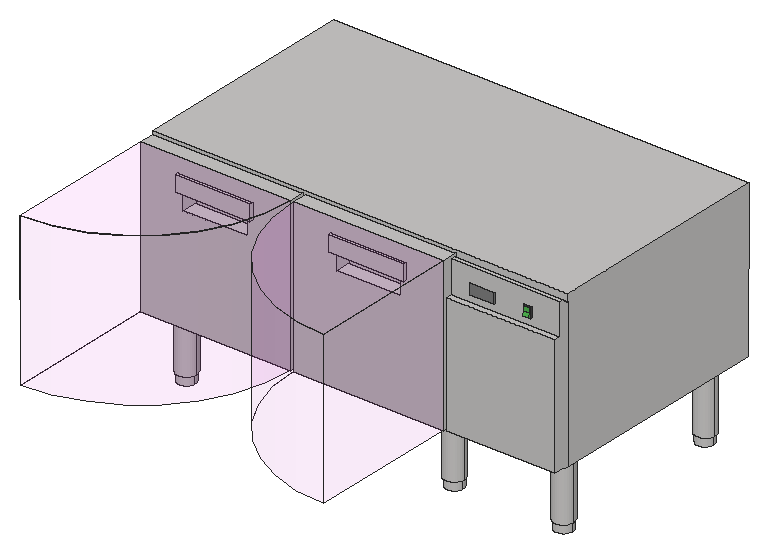
Revit family "QF_ELECTROLUXPROFESSIONAL_371291_E7TTCECOMIN", category Specialty Equipment, Revit 2018 (continued)
Automatic sketch dimensions
  Split face 147 sketch curve to Split face 147 sketch curve = 0.02 mm  (x2)
  Split face 147 sketch curve to Extrusion 3 = 22.519 mm
  Split face 147 sketch curve to Extrusion 3 = 65.003 mm
  Split face 147 sketch curve to Split face 147 sketch curve = 4 mm
  Split face 148 sketch curve to Extrusion 3 = 54.499 mm
  Split face 148 sketch curve to Split face 148 sketch curve = 0.02 mm  (x2)
  Split face 148 sketch curve to Extrusion 3 = 22.519 mm
  Split face 148 sketch curve to Extrusion 3 = 53.004 mm
  Split face 148 sketch curve to Split face 148 sketch curve = 4 mm
  Split face 149 sketch curve to Extrusion 3 = 54.499 mm
  Split face 149 sketch curve to Split face 149 sketch curve = 0.02 mm  (x2)
  Split face 149 sketch curve to Extrusion 3 = 22.519 mm
  Split face 149 sketch curve to Extrusion 3 = 41.004 mm
  Split face 149 sketch curve to Split face 149 sketch curve = 4 mm
  Split face 150 sketch curve to Extrusion 3 = 25.004 mm
  Split face 150 sketch curve to Extrusion 3 = 54.499 mm
  Split face 150 sketch curve to Split face 150 sketch curve = 0.02 mm  (x2)
  Split face 150 sketch curve to Extrusion 3 = 22.519 mm
  Split face 150 sketch curve to Split face 150 sketch curve = 4 mm
  Split face 151 sketch curve to Extrusion 3 = 24.901 mm
  Split face 151 sketch curve to Extrusion 3 = 54.499 mm
  Split face 151 sketch curve to Split face 151 sketch curve = 0.02 mm  (x2)
  Split face 151 sketch curve to Extrusion 3 = 22.519 mm
  Split face 151 sketch curve to Split face 151 sketch curve = 4 mm
  Split face 152 sketch curve to Extrusion 3 = 20.5 mm
  Split face 152 sketch curve to Split face 152 sketch curve = 0.02 mm  (x2)
  Split face 152 sketch curve to Split face 152 sketch curve = 31.959 mm
  Split face 152 sketch curve to Extrusion 3 = 140.797 mm
  Split face 152 sketch curve to Split face 152 sketch curve = 4 mm
  Split face 153 sketch curve to Extrusion 3 = 20.5 mm
  Split face 153 sketch curve to Split face 153 sketch curve = 0.02 mm  (x2)
  Split face 153 sketch curve to Split face 153 sketch curve = 31.959 mm
  Split face 153 sketch curve to Extrusion 3 = 152.797 mm
  Split face 153 sketch curve to Split face 153 sketch curve = 4 mm
  Split face 154 sketch curve to Extrusion 3 = 20.5 mm
  Split face 154 sketch curve to Split face 154 sketch curve = 0.02 mm  (x2)
  Split face 154 sketch curve to Split face 154 sketch curve = 31.959 mm
  Split face 154 sketch curve to Extrusion 3 = 148.203 mm
  Split face 154 sketch curve to Split face 154 sketch curve = 4 mm
  Split face 155 sketch curve to Extrusion 3 = 65.502 mm
  Split face 155 sketch curve to Split face 155 sketch curve = 0.02 mm  (x2)
  Split face 155 sketch curve to Split face 155 sketch curve = 31.959 mm
  Split face 155 sketch curve to Extrusion 3 = 140.797 mm
  Split face 155 sketch curve to Split face 155 sketch curve = 4 mm
  Split face 156 sketch curve to Extrusion 3 = 65.502 mm
  Split face 156 sketch curve to Split face 156 sketch curve = 0.02 mm  (x2)
  Split face 156 sketch curve to Split face 156 sketch curve = 31.959 mm
  Split face 156 sketch curve to Extrusion 3 = 152.797 mm
  Split face 156 sketch curve to Split face 156 sketch curve = 4 mm
  Split face 157 sketch curve to Extrusion 3 = 65.502 mm
  Split face 157 sketch curve to Split face 157 sketch curve = 0.02 mm  (x2)
  Split face 157 sketch curve to Split face 157 sketch curve = 31.959 mm
  Split face 157 sketch curve to Extrusion 3 = 148.203 mm
  Split face 157 sketch curve to Split face 157 sketch curve = 4 mm
  Split face 158 sketch curve to Extrusion 3 = 110.502 mm
  Split face 158 sketch curve to Split face 158 sketch curve = 0.02 mm  (x2)
  Split face 158 sketch curve to Split face 158 sketch curve = 31.959 mm
  Split face 158 sketch curve to Extrusion 3 = 140.797 mm
  Split face 158 sketch curve to Split face 158 sketch curve = 4 mm
  Split face 159 sketch curve to Extrusion 3 = 110.502 mm
  Split face 159 sketch curve to Split face 159 sketch curve = 0.02 mm  (x2)
  Split face 159 sketch curve to Split face 159 sketch curve = 31.959 mm
  Split face 159 sketch curve to Extrusion 3 = 152.797 mm
  Split face 159 sketch curve to Split face 159 sketch curve = 4 mm
  Split face 160 sketch curve to Extrusion 3 = 110.502 mm
  Split face 160 sketch curve to Split face 160 sketch curve = 0.02 mm  (x2)
  Split face 160 sketch curve to Split face 160 sketch curve = 31.959 mm
  Split face 160 sketch curve to Extrusion 3 = 148.203 mm
  Split face 160 sketch curve to Split face 160 sketch curve = 4 mm
  Split face 161 sketch curve to Extrusion 3 = 155.502 mm
  Split face 161 sketch curve to Split face 161 sketch curve = 0.02 mm  (x2)
  Split face 161 sketch curve to Split face 161 sketch curve = 31.959 mm
  Split face 161 sketch curve to Extrusion 3 = 140.797 mm
  Split face 161 sketch curve to Split face 161 sketch curve = 4 mm
  Split face 162 sketch curve to Extrusion 3 = 155.502 mm
  Split face 162 sketch curve to Split face 162 sketch curve = 0.02 mm  (x2)
  Split face 162 sketch curve to Split face 162 sketch curve = 31.959 mm
  Split face 162 sketch curve to Extrusion 3 = 152.797 mm
  Split face 162 sketch curve to Split face 162 sketch curve = 4 mm
  Split face 163 sketch curve to Extrusion 3 = 155.502 mm
  Split face 163 sketch curve to Split face 163 sketch curve = 0.02 mm  (x2)
  Split face 163 sketch curve to Split face 163 sketch curve = 31.959 mm
  Split face 163 sketch curve to Extrusion 3 = 148.203 mm
  Split face 163 sketch curve to Split face 163 sketch curve = 4 mm
  Split face 164 sketch curve to Extrusion 3 = 144.498 mm
  Split face 164 sketch curve to Split face 164 sketch curve = 0.02 mm  (x2)
  Split face 164 sketch curve to Split face 164 sketch curve = 31.959 mm
  Split face 164 sketch curve to Extrusion 3 = 140.797 mm
  Split face 164 sketch curve to Split face 164 sketch curve = 4 mm
  Split face 165 sketch curve to Extrusion 3 = 144.498 mm
  Split face 165 sketch curve to Split face 165 sketch curve = 0.02 mm  (x2)
  Split face 165 sketch curve to Split face 165 sketch curve = 31.959 mm
  Split face 165 sketch curve to Extrusion 3 = 152.797 mm
  Split face 165 sketch curve to Split face 165 sketch curve = 4 mm
  Split face 166 sketch curve to Extrusion 3 = 144.498 mm
  Split face 166 sketch curve to Split face 166 sketch curve = 0.02 mm  (x2)
  Split face 166 sketch curve to Split face 166 sketch curve = 31.959 mm
  Split face 166 sketch curve to Extrusion 3 = 148.203 mm
  Split face 166 sketch curve to Split face 166 sketch curve = 4 mm
  Split face 167 sketch curve to Extrusion 3 = 99.499 mm
  Split face 167 sketch curve to Split face 167 sketch curve = 0.02 mm  (x2)
  Split face 167 sketch curve to Split face 167 sketch curve = 31.959 mm
  Split face 167 sketch curve to Extrusion 3 = 140.797 mm
  Split face 167 sketch curve to Split face 167 sketch curve = 4 mm
  Split face 168 sketch curve to Extrusion 3 = 99.499 mm
  Split face 168 sketch curve to Split face 168 sketch curve = 0.02 mm  (x2)
  Split face 168 sketch curve to Split face 168 sketch curve = 31.959 mm
  Split face 168 sketch curve to Extrusion 3 = 152.797 mm
  Split face 168 sketch curve to Split face 168 sketch curve = 4 mm
  Split face 169 sketch curve to Extrusion 3 = 99.499 mm
  Split face 169 sketch curve to Split face 169 sketch curve = 0.02 mm  (x2)
  Split face 169 sketch curve to Split face 169 sketch curve = 31.959 mm
  Split face 169 sketch curve to Extrusion 3 = 148.203 mm
  Split face 169 sketch curve to Split face 169 sketch curve = 4 mm
  Split face 170 sketch curve to Extrusion 3 = 54.499 mm
  Split face 170 sketch curve to Split face 170 sketch curve = 0.02 mm  (x2)
  Split face 170 sketch curve to Extrusion 3 = 22.519 mm
  Split face 170 sketch curve to Extrusion 3 = 140.797 mm
  Split face 170 sketch curve to Split face 170 sketch curve = 4 mm
  Split face 171 sketch curve to Extrusion 3 = 54.499 mm
  Split face 171 sketch curve to Split face 171 sketch curve = 0.02 mm  (x2)
  Split face 171 sketch curve to Extrusion 3 = 22.519 mm
  Split face 171 sketch curve to Extrusion 3 = 152.797 mm
  Split face 171 sketch curve to Split face 171 sketch curve = 4 mm
  Split face 172 sketch curve to Extrusion 3 = 54.499 mm
  Split face 172 sketch curve to Split face 172 sketch curve = 0.02 mm  (x2)
  Split face 172 sketch curve to Extrusion 3 = 22.519 mm
  Split face 172 sketch curve to Extrusion 3 = 148.203 mm
  Split face 172 sketch curve to Split face 172 sketch curve = 4 mm
  Extrusion 7 sketch curve to Extrusion 2 = 15 mm  (x2)
  Extrusion 2 to Extrusion 7 sketch curve = 31.031 mm
  Extrusion 7 sketch curve to Extrusion 2 = 13.969 mm
  plane 4 to Extrusion 8 sketch curve = 1.587 mm
  Extrusion 8 sketch curve to plane 17 = 8.498 mm
  Extrusion 8 sketch curve to plane 14 = 75.198 mm
  Extrusion 8 sketch curve to plane 3 "Centro (Sinistra/Destra)" = 32.799 mm
  Extrusion 8 sketch curve to plane 3 "Centro (Sinistra/Destra)" = 156.499 mm
  Extrusion 8 sketch curve to plane 5 "TOP" = 143.294 mm
  Extrusion 8 sketch curve to plane 5 "TOP" = 65 mm
  Extrusion 8 sketch curve to plane 5 "TOP" = 9.006 mm
  Extrusion 9 sketch curve to Extrusion 8 = 15 mm  (x2)
  Extrusion 8 to Extrusion 9 sketch curve = 31.031 mm
  Extrusion 9 sketch curve to Extrusion 8 = 13.969 mm
  Extrusion 11 sketch curve to plane 18 = 0 mm
  Extrusion 11 sketch curve to plane 11 = 0 mm
  Extrusion 11 sketch curve to plane 3 "Centro (Sinistra/Destra)" = 164.999 mm
  Extrusion 12 sketch curve to plane 11 = 0 mm
  plane 17 to Extrusion 12 sketch curve = 8.498 mm
  plane 3 "Centro (Sinistra/Destra)" to Extrusion 12 sketch curve = 156.499 mm
  radius of Extrusion 10 sketch curve = 6 mm
  radius of Split face 2 sketch curve = 1.2 mm
  radius of Split face 3 sketch curve = 1.2 mm
  radius of Split face 4 sketch curve = 1.2 mm
  radius of Split face 5 sketch curve = 1.2 mm
  radius of Split face 6 sketch curve = 1.2 mm
  radius of Split face 7 sketch curve = 1.2 mm
Nested families
  nested 1: "Foot H200" at (-545, -249, 0), type "Foot H200"
  nested 2: "Foot H200" at (-545, 262, 0), type "Foot H200"
  nested 3: "Foot H200" at (229, -249, 0) x (-1, 0, 0) z (0, 0, 1), type "Foot H200"
  nested 4: "Foot H200" at (229, 262, 0) x (-1, 0, 0) z (0, 0, 1), type "Foot H200"
  nested 5: "Foot H200" at (545, -249, 0) x (-1, 0, 0) z (0, 0, 1), type "Foot H200"
  nested 6: "Foot H200" at (545, 262, 0) x (-1, 0, 0) z (0, 0, 1), type "Foot H200"
  nested 7: "01_Refrigerator" at (350, -150, 0), type "01_Refrigerator"
Connectors
  electrical at (560, 190, 189.987)
    settings: on Extrusion 10, index 1, voltage 0 V, apparent load 0 VA, apparent load phase1 0 VA, apparent load phase2 0 VA, apparent load phase3 0 VA, power factor 1, load classification "Altro", number of poles 1, system type 30, power factor state 1, is connector primary yes, connector utility no, sub classification motor no, connector description "Electrical"
Definition of nested family "Foot H200"
  Reference planes
    plane 1 "Centro (Fronte/Retro)": y = 0
    plane 2: z = 0
    plane 3 "Centro (Sinistra/Destra)": x = 0
    plane 4: z = 200
  Forms (mm)
    Revolve 1, solid
      sketch origin (255.05, 0, 608.09) x (0, 0, 1) y (-1, 0, 0)
        loop
          line (-608.09, 255.05) -> (-608.09, 230.05) -> (-583.09, 230.05) -> (-583.09, 226.05) -> (-408.09, 226.05) -> (-408.09, 255.05) -> (-608.09, 255.05)
        axis (-608.09, 255.05) -> (-408.09, 255.05)
      angle from 0 to 360
  Dimensions and locks
    Revolve 1 sketch curve to Revolve 1 sketch curve = 175 mm
    plane 4 to level = 200 mm
    aligned and locked: level to plane 2
    aligned and locked: plane 4 to Revolve 1 sketch curve
    aligned and locked: Revolve 1 sketch curve to level
    aligned and locked: plane 3 "Centro (Sinistra/Destra)" to Revolve 1 sketch curve
Definition of nested family "01_Refrigerator"
  Reference planes
    plane 1 "Center (Front/Back)": y = 0
    plane 2: z = 0
    plane 3 "Center (Left/Right)": x = 0
  Lines and regions (mm)
    detail lines, in view "Ref. Level"
      curve 1: line (0, -60, 0) -> (0, 60, 0)
      curve 2: line (-51.962, 30, 0) -> (51.962, -30, 0)
      curve 3: line (-51.962, -30, 0) -> (51.962, 30, 0)
      curve 4: line (19.116, 56.873, 0) -> (0, 35, 0)
      curve 5: line (0, 35, 0) -> (-19.116, 56.873, 0)
      curve 6: line (-30.311, 17.5, 0) -> (-40, 45.883, 0)
      curve 7: line (-59.736, 11.7, 0) -> (-30.311, 17.5, 0)
      curve 8: line (-30.311, -17.5, 0) -> (-59.736, -11.7, 0)
      curve 9: line (-40, -45.883, 0) -> (-30.311, -17.5, 0)
      curve 10: line (0, -35, 0) -> (-19.116, -56.873, 0)
      curve 11: line (19.116, -56.873, 0) -> (0, -35, 0)
      curve 12: line (30.311, -17.5, 0) -> (39.696, -44.992, 0)
      curve 13: line (58.812, -11.882, 0) -> (30.311, -17.5, 0)
      curve 14: line (30.311, 17.5, 0) -> (58.812, 11.882, 0)
      curve 15: line (39.696, 44.992, 0) -> (30.311, 17.5, 0)
      curve 16: spline (-200, 0, 0) -> (-193.185, -23.294, 0) -> (-173.205, -45, 0) -> (-141.421, -63.64, 0) -> (-100, -77.942, 0) -> (-51.764, -86.933, 0) -> (0, -90, 0) -> (51.764, -86.933, 0) -> (100, -77.942, 0) -> (141.421, -63.64, 0) -> (173.205, -45, 0) -> (193.185, -23.294, 0) -> (200, 0, 0) -> (193.185, 23.294, 0) -> (173.205, 45, 0) -> (141.421, 63.64, 0) -> (100, 77.942, 0) -> (51.764, 86.933, 0) -> (0, 90, 0) -> (-51.764, 86.933, 0) -> (-100, 77.942, 0) -> (-141.421, 63.64, 0) -> (-173.205, 45, 0) -> (-193.185, 23.294, 0) -> (-200, 0, 0)
Types (2, lengths in mm): name | URL | Manufacturer | Phase | Model | Description
  (no name) | 0 | 0 | 0 | 0 | 0
  Standard | "http://professional.electrolux.com" | "Electrolux Professional" | 1 | "E7TTCECOMIN" | "REFRIGERATED BASE WITH 2 DOORS 1200MM - R290"
